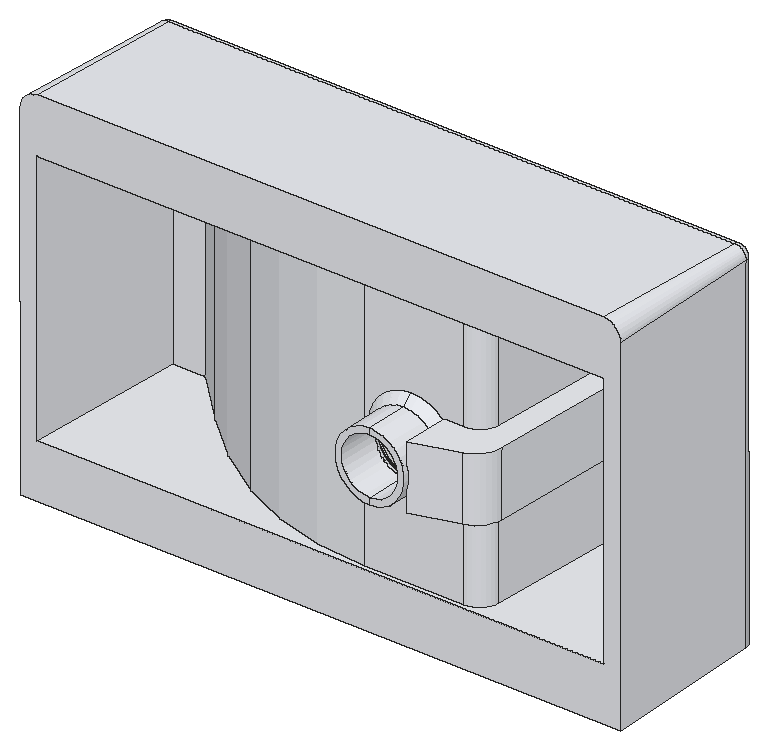
Revit family "Basin-Wall-Caroma Liano Hand1", category Plumbing Fixtures, host Face, Revit 2014
Parameters (values of type "Liano - 1 Tap Hole")
  Width_ANZRS = 285 mm  # constant formula
  WasteOutlet_ANZRS = 0
  Waste Radius [instance] = 30 mm
  Waste Connection = yes
  Waste = Metal-Chrome-Caroma
  WFU = 1  # constant formula
  Vent Connection = no
  URL = "http://www.caroma.com.au"
  Type Comments = "White Only, includes flush fitting white plug and waste, supplied with overflow, Capacity 2L"  # constant formula
  Tap Penetrations = if([3 Tapholes], 0 mm, 100 mm)  # 100 mm
  Spout Penetration = if(or([1 Taphole], [3 Tapholes]), 0 mm, 100 mm)  # 0 mm
  ModifiedIssue_ANZRS = 20140919.01  # constant formula
  Model = "649715W"  # constant formula
  Material_ANZRS = Porcelain-White-Caroma
  Manufacturer = "GWA Bathrooms & Kitchens"  # constant formula
  Length_ANZRS = 460 mm  # constant formula
  Keynote = "WB"
  HW Connection = no
  Description = "Caroma Liano Hand Wall Basin"  # constant formula
  Depth_ANZRS = 170 mm  # constant formula
  Default Elevation = 865 mm
  CreatedBy_ANZRS = "Design Content"  # constant formula
  CreatedByURL_ANZRS = "http://www.designcontent.com.au"
  CW Connection = no
  Assembly Code = "D2010310"
  3 Tapholes = 1 = 2  # no
  1 Taphole = 1 = 1  # yes
Reference planes
  plane 1 "Center (Elevation)": y = 0
  plane 2 "Back": z = 0
  plane 3 "Center (Left/Right)": x = 0
  plane 4 "Top": y = 210
  plane 5: y = 200
  plane 6 "3 Taps": y = 300
  plane 7 "1 Tap": y = 200
  plane 8: y = 74.925
  plane 9 "Front": z = 285
  plane 10 "Right": x = 235.036
  plane 11 "Left": x = -235.036
  plane 12 "Center (Front/Back)": z = 142.5
  plane 13 "Tap": x = 178.036
  plane 14 "Bottom": y = 38.53
  plane 15 "Waste": x = 67.683
Forms (mm)
  Revolve 1, solid, material "Porcelain-White-Caroma" <- "Material_ANZRS"
    sketch origin (67.683, 154.5, 1191.7) x (0, 1, 0) y (0, 0, 1)
      loop
        line (-115.989, -1071.201) -> (-115.989, -1076.201) -> (-83.059, -1076.201) -> (-73.314, -1085.946) -> (-73.314, -1094.345) -> (-68.314, -1094.345) -> (-68.314, -1085.118)
        arc (-68.314, -1085.118) -> (-68.542, -1083.97) -> (-69.192, -1082.996) r 3
        line (-69.192, -1082.996) -> (-79.388, -1072.801)
        arc (-79.388, -1072.801) -> (-81.16, -1071.617) -> (-83.25, -1071.201) r 5.461
        line (-83.25, -1071.201) -> (-115.989, -1071.201)
      axis (-115.989, -1049.2) -> (-68.314, -1049.2)
    angle from 0 to 360
  Revolve 2, void
    sketch origin (67.683, 154.5, 1219.2) x (0, 1, 0) y (0, 0, 1)
      loop
        line (-108.936, -1098.701) -> (-83.25, -1098.701)
        arc (-83.25, -1098.701) -> (-81.16, -1099.117) -> (-79.388, -1100.301) r 5.461
        line (-79.388, -1100.301) -> (-67.071, -1112.618) -> (-59.235, -1112.618) -> (-59.235, -1076.7) -> (-108.936, -1076.7) -> (-108.936, -1098.701)
      axis (-108.936, -1076.7) -> (-59.235, -1076.7)
    angle from 0 to 360
  Revolve 3, solid, material "Metal-Chrome-Caroma" <- "Waste", detail levels fine
    sketch origin (67.683, 156.267, 1191.7) x (0, 1, 0) y (0, 0, 1)
      loop
        line (-82.181, -1049.2) -> (-82.181, -1061.41) -> (-76.775, -1071.161) -> (-74.327, -1071.161) -> (-74.327, -1077.171) -> (-73.516, -1077.171) -> (-72.797, -1076.063) -> (-72.797, -1069.593) -> (-77.104, -1069.593) -> (-81.347, -1061.937) -> (-77.619, -1061.937) -> (-77.619, -1067.771)
        arc (-77.619, -1067.771) -> (-76.335, -1066.747) -> (-75.732, -1065.22) r 3.183
        arc (-75.732, -1065.22) -> (-75.041, -1057.223) -> (-74.81, -1049.2) r 139.649
        line (-74.81, -1049.2) -> (-82.181, -1049.2)
      axis (-82.181, -1049.2) -> (-72.797, -1049.2)
    angle from 0 to 360
  Revolve 4, solid, material "Metal-Chrome-Caroma" <- "Waste", detail levels fine
    sketch origin (34.69, 132.736, 142.5) x (0.994575, 0.104017, 0) y (-0.104017, 0.994575, 0)
      loop
        line (100.086, 44.034) -> (90.285, 45.412) -> (90.951, 50.155) -> (90.026, 50.285) -> (88.963, 49.438) -> (88.396, 45.404)
        arc (88.396, 45.404) -> (88.78, 43.922) -> (90.098, 43.145) r 2
        line (90.098, 43.145) -> (99.77, 41.786) -> (100.086, 44.034)
      axis (98.487, 32.654) -> (86.834, 34.292)
    angle from 0 to 360
  Revolve 5, void
    sketch origin (44.751, 134.412, 142.5) x (0.994485, 0.104876, 0) y (-0.104876, 0.994485, 0)
      loop
        line (92.341, 40.707) -> (68.3, 44.085) -> (67.016, 34.953) -> (91.057, 31.575) -> (92.341, 40.707)
      axis (91.057, 31.575) -> (67.016, 34.953)
    angle from 0 to 360
  Extrusion 6, void
    sketch origin (178.036, 200, 87.5) x (-1, 0, 0) y (0, 0, 1)
      loop
        circle (0, 55) r 14
    from 100 to -20
  Sweep 7, solid, material "Porcelain-White-Caroma" <- "Material_ANZRS"
    path origin (0, 0, 0) x (1, 0, 0) y (0, 0, 1)
      loop
        line (235, 0) -> (235, 271.5)
        arc (235, 271.5) -> (231.046, 281.046) -> (221.5, 285) r 13.5
        line (221.5, 285) -> (-221.5, 285)
        arc (-221.5, 285) -> (-231.046, 281.046) -> (-235, 271.5) r 13.5
        line (-235, 271.5) -> (-235, 0)
    profile origin (0, 0, 285) x (0, 0, -1) y (0, -1, 0)
      loop
        arc (4.62, -203.254) -> (6.756, -208.039) -> (11.615, -210) r 7
        line (11.615, -210) -> (12.615, -210) -> (12.615, -74.925) -> (-0.036, -74.925) -> (4.62, -203.254)
  Extrusion 8, solid, material "Porcelain-White-Caroma" <- "Material_ANZRS"
    sketch origin (0, 0, 0) x (1, 0, 0) y (0, 0, 1)
      loop
        line (-222.385, 0) -> (222.385, 0) -> (222.385, 271.5)
        arc (222.385, 271.5) -> (222.126, 272.126) -> (221.5, 272.385) r 0.885
        line (221.5, 272.385) -> (-221.5, 272.385)
        arc (-221.5, 272.385) -> (-222.126, 272.126) -> (-222.385, 271.5) r 0.885
        line (-222.385, 271.5) -> (-222.385, 0)
    from -210 to -74.925
  Extrusion 9, void
    sketch origin (31.746, 0, 142.5) x (1, 0, 0) y (0, 1, 0)
      loop
        line (185.671, 202) -> (96.696, 202) -> (92.912, 93.645)
        arc (92.912, 93.645) -> (88.189, 83.036) -> (77.422, 78.686) r 15.5
        line (77.422, 78.686) -> (-0.462, 78.686)
        arc (-0.462, 78.686) -> (-58.674, 86.242) -> (-113.027, 108.41) r 228
        arc (-113.027, 108.41) -> (-151.158, 133.59) -> (-185.568, 163.656) r 339.926
        line (-185.568, 163.656) -> (-223.912, 202) -> (-249.163, 202) -> (-254.073, 66.686) -> (190.58, 66.686) -> (185.671, 202)
      loop
        arc (77.422, 86.686) -> (82.632, 88.791) -> (84.917, 93.924) r 7.5
        line (84.917, 93.924) -> (88.769, 204.209)
        arc (88.769, 204.209) -> (90.597, 208.316) -> (94.765, 210) r 6
        line (94.765, 210) -> (-223.912, 210)
        arc (-223.912, 210) -> (-220.85, 209.391) -> (-218.255, 207.657) r 8
        line (-218.255, 207.657) -> (-179.911, 169.313)
        arc (-179.911, 169.313) -> (-146.311, 139.954) -> (-109.077, 115.367) r 331.926
        arc (-109.077, 115.367) -> (-56.631, 93.977) -> (-0.462, 86.686) r 220
        line (-0.462, 86.686) -> (77.422, 86.686)
    from -100 to 100
  Extrusion 10, solid, material "Porcelain-White-Caroma" <- "Material_ANZRS"
    sketch origin (246.399, 0, 142.5) x (0, 1, 0) y (-1, 0, 0)
      loop
        line (202, 98.592) -> (202, 117.957) -> (93.645, 121.74)
        arc (93.645, 121.74) -> (83.036, 126.464) -> (78.686, 137.231) r 15.5
        line (78.686, 137.231) -> (78.686, 151.838) -> (42.064, 152.797) -> (52.275, 117.187)
        arc (52.275, 117.187) -> (59.597, 106.383) -> (71.89, 101.999) r 20.977
        line (71.89, 101.999) -> (202, 98.592)
    from 25 to -25
Cuts and joins
  Revolve 2, Revolve 5, Extrusion 6, Extrusion 9 cuts Sweep 7
  Revolve 2, Revolve 5, Extrusion 6, Extrusion 9 cuts Extrusion 8
  joined: Sweep 7, Extrusion 8
Lines and regions (mm)
  Masking region 1
    outline origin (0, 0, 0) x (1, 0, 0) y (0, 0, 1)
      loop
        line (225.036, 285) -> (-225.036, 285)
        arc (-225.036, 285) -> (-232.107, 282.071) -> (-235.036, 275) r 10
        line (-235.036, 275) -> (-235.036, 0) -> (235.036, 0) -> (235.036, 275)
        arc (235.036, 275) -> (232.107, 282.071) -> (225.036, 285) r 10
  Masking region 2
    outline origin (0, 0, 0) x (1, 0, 0) y (0, 1, 0)
      loop
        line (-235.036, 74.925) -> (235.036, 74.925) -> (230.373, 203.447)
        arc (230.373, 203.447) -> (228.298, 208.095) -> (223.578, 210) r 6.8
        line (223.578, 210) -> (-223.578, 210)
        arc (-223.578, 210) -> (-228.298, 208.095) -> (-230.373, 203.447) r 6.8
        line (-230.373, 203.447) -> (-235.036, 74.925)
  Masking region 3
    outline origin (0, 0, 0) x (0, 1, 0) y (0, 0, 1)
      loop
        line (210, 6) -> (210, 273.527)
        arc (210, 273.527) -> (208.087, 278.268) -> (203.418, 280.353) r 6.831
        line (203.418, 280.353) -> (74.925, 285.036) -> (74.925, 0) -> (204, 0)
        arc (204, 0) -> (208.243, 1.757) -> (210, 6) r 6
  symbolic lines, style "Basins/Sinks/Tubs", visible <- "3 Tapholes"
    curve 1: circle (178.036, 0, 142.5) r 14 normal (0, -1, 0)
  symbolic lines, style "Basins/Sinks/Tubs", visible <- "1 Taphole"
    curve 2: circle (178.036, 0, 142.5) r 14 normal (0, -1, 0)
  symbolic lines, style "Basins/Sinks/Tubs"
    curve 3: circle (67.683, 0, 142.5) r 22.001 normal (0, -1, 0)
    curve 4: circle (67.683, 0, 142.5) r 35 normal (0, -1, 0)
    curve 5: line (-192.166, 0, 227.5) -> (-192.166, 0, 57.5)
    curve 6: line (128.442, 0, 227.5) -> (128.442, 0, 57.5)
    curve 7: line (113.442, 0, 242.5) -> (-177.166, 0, 242.5)
    curve 8: line (-177.166, 0, 42.5) -> (113.442, 0, 42.5)
    curve 9: arc (128.442, 0, 227.5) -> (124.049, 0, 238.107) -> (113.442, 0, 242.5) r 15
    curve 10: arc (-177.166, 0, 242.5) -> (-187.772, 0, 238.107) -> (-192.166, 0, 227.5) r 15
    curve 11: arc (-177.166, 0, 42.5) -> (-187.772, 0, 46.893) -> (-192.166, 0, 57.5) r 15
    curve 12: arc (113.442, 0, 42.5) -> (124.049, 0, 46.893) -> (128.442, 0, 57.5) r 15
  symbolic lines, style "PlumbingFixturesHiddenLines"
    curve 13: line (0, 74.925, 112.5) -> (0, 38.53, 115.625)
    curve 14: line (0, 38.53, 115.625) -> (0, 38.53, 169.375)
    curve 15: line (0, 74.925, 172.5) -> (0, 38.53, 169.375)
    curve 16: line (37.683, 74.925, 0) -> (40.682, 38.511, 0)
    curve 17: line (40.682, 38.511, 0) -> (94.684, 38.511, 0)
    curve 18: line (94.684, 38.511, 0) -> (95.662, 44.054, 0)
    curve 19: line (95.662, 44.054, 0) -> (133.264, 52.735, 0)
    curve 20: arc (133.264, 52.735, 0) -> (139.821, 56.019, 0) -> (144.153, 61.936, 0) r 15.595
    curve 21: line (144.153, 61.936, 0) -> (145.289, 74.925, 0)
Dimensions and locks
  plane 1 "Center (Elevation)" to plane 4 "Top" = 210 mm
  locked: plane 4 "Top" to plane 5 at 10
  "Tap Penetrations": plane 6 "3 Taps" to plane 5
  "Spout Penetration": plane 7 "1 Tap" to plane 5
  level to plane 9 "Front" = 285 mm
  equal spacing: plane 11 "Left", plane 3 "Center (Left/Right)", plane 10 "Right"
  plane 11 "Left" to plane 10 "Right" = 470.072 mm
  equal spacing: level, plane 12 "Center (Front/Back)", plane 9 "Front"
  aligned and locked: plane 2 "Back" to host face
  aligned and locked: level to host face
Automatic sketch dimensions
  host sketch curve to host sketch curve = 2438.4 mm  (x2)
  Sweep 7 sketch curve to Sweep 7 sketch curve = 13.5 mm
  level to Sweep 7 sketch curve = 0 mm
  Sweep 7 sketch curve to level = 0 mm
  Sweep 7 sketch curve to Sweep 7 sketch curve = 1 mm
  profile plane to Sweep 7 sketch curve = 0.036 mm
  Sweep 7 sketch curve to profile plane = 4.62 mm
  Sweep 7 sketch curve to Sweep 7 sketch curve = 6.995 mm
  Sweep 7 sketch curve to plane 1 "Center (Elevation)" = 210 mm
  Sweep 7 sketch curve to Sweep 7 sketch curve = 6.746 mm
  Sweep 7 sketch curve to plane 1 "Center (Elevation)" = 74.925 mm
  Extrusion 8 sketch curve to level = 0 mm
  Extrusion 8 sketch curve to Extrusion 8 sketch curve = 0.885 mm
  Sweep 7 sketch curve to plane 9 "Front" = 0 mm
  plane 9 "Front" to Extrusion 8 sketch curve = 13.5 mm
  level to Extrusion 6 sketch curve = 142.5 mm
  plane 10 "Right" to Sweep 7 sketch curve = 13.536 mm
  plane 10 "Right" to Sweep 7 sketch curve = 0.036 mm
  plane 10 "Right" to Extrusion 8 sketch curve = 13.536 mm
  plane 10 "Right" to Extrusion 8 sketch curve = 12.652 mm
  Sweep 7 sketch curve to plane 11 "Left" = 13.536 mm
  Extrusion 8 sketch curve to plane 11 "Left" = 13.536 mm
  plane 13 "Tap" to Extrusion 6 sketch curve = 0 mm
  plane 12 "Center (Front/Back)" to Revolve 3 sketch curve = 0 mm
  Revolve 3 sketch curve to plane 1 "Center (Elevation)" = 58.193 mm
  Revolve 3 sketch curve to plane 8 = 0.838 mm
  Revolve 3 sketch curve to Revolve 3 sketch curve = 0.833 mm
  plane 8 to Revolve 3 sketch curve = 2.448 mm
  plane 8 to Revolve 3 sketch curve = 3.724 mm
  Revolve 3 sketch curve to Revolve 3 sketch curve = 0.515 mm
  Revolve 3 sketch curve to Revolve 3 sketch curve = 0.328 mm
  plane 8 to Revolve 3 sketch curve = 6.532 mm
  Revolve 3 sketch curve to plane 12 "Center (Front/Back)" = 27.971 mm
  plane 8 to Revolve 3 sketch curve = 7.015 mm
  Revolve 3 sketch curve to Revolve 3 sketch curve = 0.811 mm
  Revolve 3 sketch curve to plane 12 "Center (Front/Back)" = 26.863 mm
  Revolve 3 sketch curve to Revolve 3 sketch curve = 0.719 mm
  Revolve 3 sketch curve to plane 12 "Center (Front/Back)" = 21.961 mm
  Revolve 3 sketch curve to Revolve 3 sketch curve = 1.568 mm
  Revolve 3 sketch curve to Revolve 3 sketch curve = 1.822 mm
  Revolve 3 sketch curve to Revolve 3 sketch curve = 2.916 mm
  Revolve 3 sketch curve to Revolve 3 sketch curve = 2.918 mm
  Revolve 3 sketch curve to Revolve 3 sketch curve = 0.528 mm
  Revolve 3 sketch curve to Revolve 3 sketch curve = 0 mm  (x3)
  plane 12 "Center (Front/Back)" to Revolve 2 sketch curve = 0 mm  (x2)
  Revolve 2 sketch curve to plane 14 "Bottom" = 7.034 mm
  Revolve 2 sketch curve to plane 8 = 3.675 mm
  plane 8 to Revolve 2 sketch curve = 0.187 mm
  plane 8 to Revolve 2 sketch curve = 12.504 mm
  plane 8 to Revolve 2 sketch curve = 20.34 mm
  Revolve 2 sketch curve to plane 12 "Center (Front/Back)" = 22.001 mm
  Revolve 2 sketch curve to Revolve 2 sketch curve = 1.6 mm
  Revolve 2 sketch curve to Revolve 2 sketch curve = 12.317 mm
  plane 14 "Bottom" to Revolve 2 sketch curve = 0.019 mm
  Revolve 2 sketch curve to Revolve 2 sketch curve = 0 mm
  Extrusion 9 sketch curve to Extrusion 9 sketch curve = 0 mm  (x7)
  Extrusion 9 sketch curve to plane 4 "Top" = 0 mm
  plane 5 to Extrusion 9 sketch curve = 2 mm  (x2)
  Extrusion 9 sketch curve to plane 11 "Left" = 17.619 mm
  Extrusion 9 sketch curve to Extrusion 9 sketch curve = 25.251 mm
  Extrusion 9 sketch curve to plane 4 "Top" = 2.343 mm
  Extrusion 9 sketch curve to Extrusion 9 sketch curve = 5.657 mm  (x2)
  Extrusion 9 sketch curve to plane 5 = 36.344 mm
  Extrusion 9 sketch curve to Extrusion 9 sketch curve = 38.344 mm
  Extrusion 9 sketch curve to plane 5 = 30.687 mm
  plane 3 "Center (Left/Right)" to Extrusion 9 sketch curve = 31.284 mm
  Extrusion 9 sketch curve to plane 15 "Waste" = 18.859 mm
  Extrusion 9 sketch curve to plane 8 = 19.261 mm
  Extrusion 9 sketch curve to plane 15 "Waste" = 41.485 mm
  Extrusion 9 sketch curve to plane 8 = 18.999 mm
  Extrusion 9 sketch curve to Extrusion 9 sketch curve = 7.495 mm
  plane 5 to Extrusion 9 sketch curve = 4.209 mm
  Extrusion 9 sketch curve to plane 15 "Waste" = 52.831 mm
  Extrusion 9 sketch curve to Extrusion 9 sketch curve = 7.995 mm
  Extrusion 9 sketch curve to Extrusion 9 sketch curve = 5.996 mm
  Extrusion 9 sketch curve to Extrusion 9 sketch curve = 1.931 mm
  plane 10 "Right" to Extrusion 9 sketch curve = 12.71 mm
  Extrusion 9 sketch curve to Extrusion 9 sketch curve = 8 mm
  plane 8 to Extrusion 9 sketch curve = 8.239 mm
  plane 4 "Top" to Extrusion 9 sketch curve = 96.686 mm
  Extrusion 9 sketch curve to Extrusion 9 sketch curve = 97.335 mm
  Extrusion 9 sketch curve to plane 11 "Left" = 12.71 mm
  plane 10 "Right" to Extrusion 9 sketch curve = 17.619 mm
  Revolve 4 sketch curve to plane 5 = 12.912 mm
  Revolve 4 sketch curve to plane 15 "Waste" = 50.2 mm
  Revolve 4 sketch curve to Revolve 4 sketch curve = 0.567 mm
  Revolve 4 sketch curve to Revolve 4 sketch curve = 1.063 mm
  Revolve 4 sketch curve to Revolve 4 sketch curve = 1.702 mm
  Revolve 4 sketch curve to Revolve 4 sketch curve = 1.888 mm
  Revolve 4 sketch curve to Revolve 4 sketch curve = 0.092 mm
  Revolve 4 sketch curve to Revolve 4 sketch curve = 0.925 mm
  Revolve 4 sketch curve to Revolve 4 sketch curve = 9.672 mm
  Revolve 4 sketch curve to Revolve 4 sketch curve = 0.316 mm
  Revolve 4 sketch curve to Revolve 4 sketch curve = 0.278 mm
  Revolve 4 sketch curve to Revolve 4 sketch curve = 1.092 mm
  Revolve 4 sketch curve to Revolve 4 sketch curve = 0.847 mm
  Revolve 4 sketch curve to Revolve 4 sketch curve = 2.104 mm
  Revolve 4 sketch curve to Revolve 4 sketch curve = 8.987 mm
  Revolve 4 sketch curve to Revolve 4 sketch curve = 9.017 mm
  Revolve 4 sketch curve to Revolve 4 sketch curve = 1.263 mm
  Revolve 5 sketch curve to plane 5 = 23.799 mm
  Revolve 5 sketch curve to plane 15 "Waste" = 40.048 mm
  Revolve 5 sketch curve to Revolve 5 sketch curve = 1.283 mm
  Revolve 5 sketch curve to Revolve 5 sketch curve = 24.041 mm
  Revolve 5 sketch curve to Revolve 5 sketch curve = 3.379 mm
  Revolve 5 sketch curve to Revolve 5 sketch curve = 5.867 mm
  Revolve 5 sketch curve to Revolve 5 sketch curve = 8.987 mm
  Revolve 5 sketch curve to Revolve 5 sketch curve = 0.825 mm
  Revolve 5 sketch curve to Revolve 5 sketch curve = 1.263 mm
  plane 14 "Bottom" to Extrusion 10 sketch curve = 13.745 mm
  plane 8 to Extrusion 10 sketch curve = 3.035 mm
  plane 8 to Extrusion 10 sketch curve = 2.486 mm
  Extrusion 10 sketch curve to plane 8 = 3.761 mm
  Extrusion 10 sketch curve to plane 8 = 18.72 mm
  Extrusion 10 sketch curve to Extrusion 10 sketch curve = 0.541 mm
  plane 5 to Extrusion 10 sketch curve = 2 mm
  plane 13 "Tap" to Extrusion 10 sketch curve = 30.229 mm
  plane 13 "Tap" to Extrusion 10 sketch curve = 33.636 mm
  Extrusion 10 sketch curve to Extrusion 10 sketch curve = 15.188 mm
  Extrusion 10 sketch curve to Extrusion 10 sketch curve = 19.365 mm
  Extrusion 10 sketch curve to Extrusion 10 sketch curve = 1.228 mm
  Extrusion 10 sketch curve to Extrusion 10 sketch curve = 14.607 mm
  plane 14 "Bottom" to Extrusion 10 sketch curve = 3.534 mm
  Extrusion 10 sketch curve to plane 15 "Waste" = 25.918 mm
  Masking region 1 sketch curve to plane 9 "Front" = 0 mm
  plane 10 "Right" to Masking region 1 sketch curve = 0 mm
  Masking region 1 sketch curve to plane 11 "Left" = 10 mm
  Masking region 1 sketch curve to Masking region 1 sketch curve = 10 mm
  plane 11 "Left" to Masking region 1 sketch curve = 0 mm
  Masking region 1 sketch curve to level = 0 mm
  curve 1 to curve 2 = 0 mm  (x2)
  curve 3 to curve 4 = 0 mm  (x2)
  curve 3 to plane 12 "Center (Front/Back)" = 0 mm
  plane 15 "Waste" to curve 3 = 0 mm
  curve 1 to plane 12 "Center (Front/Back)" = 0 mm
  plane 13 "Tap" to curve 1 = 0 mm
  curve 7 to plane 11 "Left" = 57.871 mm
  curve 11 to plane 11 "Left" = 57.871 mm
  curve 5 to curve 10 = 15 mm
  curve 7 to plane 15 "Waste" = 45.759 mm
  curve 8 to plane 15 "Waste" = 45.759 mm
  curve 12 to curve 6 = 15 mm
  level to curve 11 = 57.5 mm
  plane 9 "Front" to curve 9 = 57.5 mm
  Masking region 3 sketch curve to level = 0 mm
  Masking region 3 sketch curve to plane 8 = 0 mm
  Masking region 3 sketch curve to plane 4 "Top" = 0 mm
  plane 5 to Masking region 3 sketch curve = 3.169 mm
  plane 5 to Masking region 3 sketch curve = 3.418 mm
  plane 5 to Masking region 3 sketch curve = 4 mm
  plane 9 "Front" to Masking region 3 sketch curve = 11.473 mm
  Masking region 3 sketch curve to plane 9 "Front" = 0.036 mm
  Masking region 2 sketch curve to plane 11 "Left" = 0 mm
  Masking region 2 sketch curve to plane 4 "Top" = 0 mm
  plane 8 to Masking region 2 sketch curve = 0 mm
  Masking region 2 sketch curve to plane 10 "Right" = 0 mm
  Masking region 2 sketch curve to plane 11 "Left" = 4.663 mm
  Masking region 2 sketch curve to Masking region 2 sketch curve = 6.796 mm
  plane 5 to Masking region 2 sketch curve = 3.2 mm
  plane 10 "Right" to Masking region 2 sketch curve = 11.459 mm
  plane 5 to Masking region 2 sketch curve = 3.447 mm
  Masking region 2 sketch curve to Masking region 2 sketch curve = 6.8 mm
  plane 12 "Center (Front/Back)" to Revolve 1 sketch curve = 0 mm
  plane 14 "Bottom" to Revolve 1 sketch curve = 0.019 mm  (x2)
  Revolve 1 sketch curve to plane 8 = 3.675 mm
  Revolve 1 sketch curve to Revolve 1 sketch curve = 0.191 mm
  plane 8 to Revolve 1 sketch curve = 0.187 mm
  plane 8 to Revolve 1 sketch curve = 6.261 mm
  Revolve 1 sketch curve to Revolve 1 sketch curve = 2 mm
  Revolve 1 sketch curve to Revolve 1 sketch curve = 2.121 mm
  Revolve 1 sketch curve to Revolve 1 sketch curve = 5 mm
  Revolve 1 sketch curve to Revolve 1 sketch curve = 22.001 mm
  Revolve 1 sketch curve to Revolve 1 sketch curve = 1.6 mm
  Revolve 1 sketch curve to Revolve 1 sketch curve = 0.461 mm
  Revolve 1 sketch curve to Revolve 1 sketch curve = 10.196 mm
  Revolve 1 sketch curve to Revolve 1 sketch curve = 0.828 mm
  Revolve 1 sketch curve to Revolve 1 sketch curve = 8.399 mm
  plane 8 to Revolve 1 sketch curve = 20.34 mm
  curve 13 to plane 14 "Bottom" = 0 mm
  curve 15 to plane 8 = 0 mm
  curve 13 to plane 8 = 0 mm
  plane 12 "Center (Front/Back)" to curve 14 = 26.875 mm
  curve 15 to plane 12 "Center (Front/Back)" = 26.875 mm
  plane 12 "Center (Front/Back)" to curve 13 = 30 mm
  curve 15 to plane 12 "Center (Front/Back)" = 30 mm
  plane 8 to curve 16 = 0 mm
  plane 8 to curve 21 = 0 mm
  curve 17 to plane 14 "Bottom" = 0.019 mm
  plane 15 "Waste" to curve 17 = 27.001 mm
  curve 18 to plane 15 "Waste" = 27.001 mm
  plane 14 "Bottom" to curve 18 = 5.524 mm
  curve 17 to curve 18 = 0.977 mm
  plane 8 to curve 20 = 6.995 mm
  curve 18 to curve 20 = 34.094 mm
  curve 20 to curve 19 = 3.508 mm
  plane 15 "Waste" to curve 16 = 30 mm
  plane 8 to curve 21 = 12.989 mm
  curve 19 to curve 21 = 10.889 mm
  curve 20 to curve 21 = 1.136 mm
  radius of Extrusion 6 sketch curve = 14 mm
  radius of curve 1 = 14 mm
  radius of curve 2 = 14 mm
  radius of curve 3 = 22.001 mm
  radius of curve 4 = 35 mm
Connectors
  piping at (67.683, 38.511, 142.5), diameter 60, driven by "Waste Radius", driven by "WFU", driven by "WasteOutlet_ANZRS"
    settings: on Revolve 1, index 1, connector inside diameter 2.3622", connector length 0 mm, flow factor 0, pipe flow 0 GPM, pressure drop 0.00 psi, fitting loss kfactor 0, connector angle 0.00°, fixture units 1, engagement length 0 mm, angle of deflection 0.00°, flow configuration 3, flow direction 2, fitting loss method 2, system type 16, joint type 0, gender type 0, connector reference index -1, connector utility 0, adjustable connector no, is connector primary yes, connector description "Outlet"
